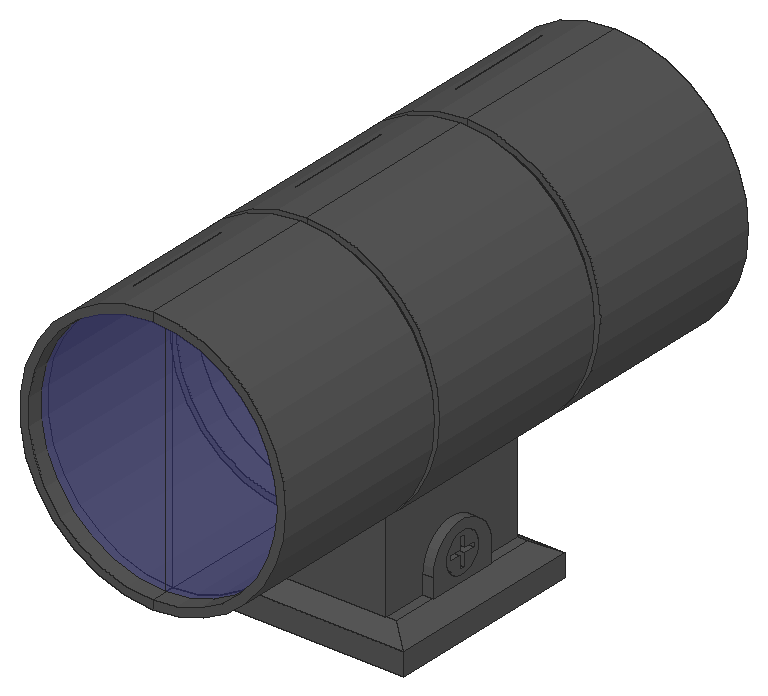
Revit family "CARLO CYLINDER LIGHT WALL MOUNT", category Lighting Fixtures, host Face, Revit 2020 (continued)
Types (10): name | Wattage_Input | Wattage Comments | Wattage | Photometric Web File | built-in parameter 1150142 | Model | built-in parameter 1150105 | Lumens | Light Length 1 | LIGHT RADIUS | LIGHT PLACEMENT | LIGHT LENGTH | LIGHT DIA | built-in parameter 1150106 | FIXED END HEIGHT | Curve base Height | Base Curve | BEAMING ANGLE | Apparent Load
     0.35427 0.38288 0.41226 0.43835 0.46389 0.49082 \r\n 0.51754 0.54287 0.5675 0.5911 0.61546 0.64349 0.67157 0.69844 0.72616 0.75684 \r\n 0.78911 0.82097 0.85645 0.9009 0.94825 0.99254 1.0387 1.0906 1.1456 1.2006 \r\n 1.2611 1.3329 1.4118 1.4929 1.5841 1.6916 1.8151 1.9575 2.1162 2.2872 \r\n 2.4782 2.6927 2.9397 3.2294 3.5619 3.9502 4.3653 4.7764 5.2019 5.652 \r\n 6.1207 6.608 7.1076 7.6124 8.1258 8.6558 9.1811 9.6715 10.161 10.686 \r\n 11.21 11.705 12.192 12.684 13.183 13.681 14.222 14.828 15.55 16.383 \r\n 17.511 19.01 21.208 23.863 28.753 37.398 50.323 69.924 92.115 113.21 \r\n 134.4 155.97 176.89 195.98 213.95 231.37 247.44 262.4 273.77 277.6 \r\n 278.47 279.89 281.11 282.59 284.16 285.84 287.52 289 290.49 292.16 \r\n 293.93 295.75 297.65 299.63 301.67 303.8 305.95 308.06 310.16 312.27 \r\n 314.34 316.26 318.18 320.21 322.39 324.79 327.39 330.16 333.17 336.36 \r\n 340.14 344.87 350.68 357.62 366.28 377.03 390.48 406.99 427.54 452.79 \r\n 484 522.88 568.81 620.96 681.62 751.77 834.42 935.51 1047.2 1158.9 \r\n 1285.3 1441.3 1615.3 1802.9 1996.9 2186.9 2377.8 2573.1 2766.8 2957.8 \r\n 3135 3285.5 3412.6 3514.9 3593.4 3646.5 3680.9 3700.9 3711.9 3721.1 \r\n 3733.6 \r\n3725 3737.8 3742.1 3740.8 3734.9 3724 3711.3 3699.9 3690 3689.3 \r\n 3679.7 3646.4 3587.1 3491.7 3368.7 3223.2 3056.2 2866.8 2666.7 2468.8 \r\n 2269 2066.3 1864.3 1662.1 1471.4 1304.5 1159.2 1041.1 939.14 842.21 \r\n 755.58 681.43 617.79 563.73 518.32 480.65 449.72 424.44 404.15 388.07 \r\n 375.49 365.63 357.88 351.39 346.05 341.54 337.67 334.14 330.94 327.85 \r\n 325.05 322.75 320.61 318.32 316.06 313.97 311.93 309.92 307.91 305.89 \r\n 303.78 301.54 299.13 296.45 293.69 291.05 288.4 285.59 282.78 280.09 \r\n 277.41 274.65 271.92 270.19 266.89 258.78 248.92 239.68 229.91 220.09 \r\n 207.64 188.84 167.56 146.51 125.35 104.38 84.492 66.355 50.953 39.716 \r\n 31.969 28.28 26.349 23.733 21.434 19.7 18.347 17.304 16.473 15.739 \r\n 15.08 14.433 13.814 13.219 12.643 12.086 11.528 10.936 10.352 9.8249 \r\n 9.3064 8.751 8.2002 7.6907 7.1902 6.6641 6.1557 5.7117 5.2862 4.8343 \r\n 4.3992 4.0097 3.6629 3.3733 3.1162 2.8672 2.6402 2.4435 2.2697 2.1152 \r\n 1.977 1.8508 1.737 1.6365 1.5443 1.4538 1.3713 1.3036 1.2423 1.1809 \r\n 1.1209 1.06 1.0029 0.95507 0.91159 0.86846 0.82809 0.79286 0.75895 0.72452 \r\n 0.69073 0.6578 0.62708 0.60187 0.57664 0.54525 0.51288 0.48324 0.45451 0.42594 \r\n 0.39808 0.37137 0.34537 0.32007 0.29453 0.26677 0.23982 0.2177 0.19548 0.16802 \r\n 0.13995 0.11438 0.090803 0.070497 0.051319 0.029185 0.011198 0.0058439 0.0048978 0.0020775 \r\n 0.000040 0 0 0 0 0 0.0025215 0.013353 0.028011 0.044432 \r\n 0.061139 0.074567 0.088924 0.10821 0.12949 0.15116 0.17327 0.19523 0.21734 0.23951 \r\n 0.26227 0.28661 0.31118 0.33407 0.35797 0.38627 0.41493 0.44005 0.46465 0.491 \r\n 0.5175 0.5434 0.5684 0.59079 0.61407 0.64313 0.67227 0.69965 0.72743 0.75707 \r\n 0.78881 0.82286 0.86074 0.90569 0.95279 0.99703 1.0419 1.0886 1.1388 1.1946 \r\n 1.2564 1.326 1.4016 1.4796 1.5674 1.6715 1.7909 1.9276 2.0794 2.2423 \r\n 2.4248 2.6322 2.871 3.1491 3.4682 3.8406 4.2417 4.648 5.0691 5.5057 \r\n 5.9614 6.4442 6.9412 7.4385 7.946 8.4785 9.0071 9.4952 9.9812 10.504 \r\n 11.025 11.511 11.99 12.483 12.982 13.477 13.998 14.552 15.204 15.985 \r\n 17.004 18.27 20.102 22.36 26.432 33.066 44.051 63.159 85.195 105.72 \r\n 126.25 146.79 167.47 188.96 209.79 228.82 245.79 260.62 271.67 276.03 \r\n 277.49 279.03 280.22 281.72 283.29 284.98 286.65 288.08 289.57 291.36 \r\n 293.3 295.3 297.36 299.48 301.63 303.77 305.94 308.18 310.42 312.64 \r\n 314.74 316.52 318.26 320.17 322.24 324.52 327 329.69 332.57 335.46 \r\n 338.88 343.33 348.81 355.31 363.39 373.4 385.87 401.13 420.09 443.22 \r\n 472.02 508.23 551.63 602.05 661.07 729.06 809.51 909.56 1018.6 1122 \r\n 1239.1 1388.9 1558.5 1743.1 1936.4 2129.7 2325.3 2525.2 2722.1 2911.4 \r\n 3087.5 3243.8 3378.9 3488.4 3574.1 3634.1 3674.2 3697.5 3710.2 3720.7 \r\n 3733.6 \r\n3725 3735.1 3738.4 3736 3729 3717.5 3704.8 3695.2 3686.5 3683.4 \r\n 3669.6 3630.7 3565.2 3464 3335.5 3184.6 3013.1 2820.1 2618.1 2421.1 \r\n 2223 2020.9 1819.6 1618.8 1431 1271.1 1131.8 1012.3 908.57 816.01 \r\n 734.87 664.02 603.02 551.44 508.14 472.11 442.42 417.96 398.27 382.79 \r\n 370.72 361.27 353.86 347.68 342.63 338.41 334.79 331.44 328.38 325.42 \r\n 322.75 320.6 318.61 316.42 314.26 312.25 310.32 308.46 306.63 304.85 \r\n 302.97 300.85 298.54 296.03 293.41 290.77 288.09 285.36 282.64 280.03 \r\n 277.42 274.65 271.92 270.43 267.05 257.73 246.43 236.13 225.8 216.59 \r\n 204.95 186.28 164.98 144.17 123.15 101.72 81.484 63.873 49.271 38.811 \r\n 31.667 28.017 25.975 23.442 21.243 19.553 18.227 17.213 16.401 15.67 \r\n 15.008 14.354 13.727 13.131 12.553 11.981 11.41 10.818 10.237 9.7031 \r\n 9.1787 8.6267 8.0817 7.5759 7.0797 6.5614 6.0596 5.6157 5.1899 4.7435 \r\n 4.314 3.9251 3.5791 3.2959 3.0471 2.8069 2.5874 2.3933 2.2206 2.0682 \r\n 1.9326 1.8102 1.7007 1.6048 1.5165 1.4271 1.3447 1.2772 1.2166 1.1579 \r\n 1.1003 1.0386 0.98049 0.93397 0.89243 0.85118 0.81243 0.77786 0.74431 0.7101 \r\n 0.67641 0.64321 0.61246 0.58834 0.56421 0.53268 0.50018 0.47163 0.44408 0.4158 \r\n 0.38802 0.36173 0.33593 0.3101 0.28378 0.25531 0.22783 0.20572 0.1836 0.15583 \r\n 0.1276 0.10267 0.079724 0.059174 0.039652 0.017321 0 0 0 0 \r\n 0 0 0 0 0.000046 0.00043719 0.004335 0.016652 0.032434 0.048432 \r\n 0.064443 0.078036 0.092643 0.11172 0.13276 0.1545 0.17673 0.19875 0.2208 0.24262 \r\n 0.26493 0.28872 0.31301 0.33661 0.36119 0.3892 0.4172 0.44151 0.46533 0.49114 \r\n 0.51743 0.54392 0.56943 0.59107 0.6137 0.64367 0.67376 0.70174 0.72975 0.75862 \r\n 0.79002 0.82619 0.86633 0.91165 0.95846 1.0028 1.0466 1.0889 1.1351 1.1921 \r\n 1.2556 1.3233 1.3961 1.4718 1.557 1.6583 1.7742 1.9056 2.0514 2.2079 \r\n 2.3841 2.5861 2.8183 3.0862 3.3932 3.7508 4.1393 4.5426 4.9614 5.3872 \r\n 5.8321 6.3114 6.8061 7.2977 7.8007 8.3344 8.8656 9.3544 9.8402 10.362 \r\n 10.881 11.361 11.836 12.332 12.834 13.331 13.841 14.354 14.949 15.694 \r\n 16.622 17.681 19.197 21.152 24.526 29.322 38.448 56.802 78.412 98.385 \r\n 118.37 137.97 158.46 182.19 205.63 225.86 243.36 257.93 268.73 273.97 \r\n 276.4 278.09 279.2 280.66 282.19 283.82 285.43 286.79 288.24 290.12 \r\n 292.19 294.32 296.51 298.75 301 303.18 305.4 307.8 310.21 312.56 \r\n 314.74 316.49 318.18 320.05 322.09 324.33 326.77 329.44 332.26 334.93 \r\n 338.09 342.31 347.5 353.62 361.18 370.53 382.13 396.29 413.84 435.14 \r\n 461.83 495.58 536.7 585.81 643.64 709.85 788.22 886.58 992.56 1088.7 \r\n 1198.1 1342.2 1507.5 1689.4 1882.2 2078.7 2278.7 2482 2680.9 2867.9 \r\n 3042.7 3204.9 3347.9 3464.2 3556.3 3622.8 3668.3 3694.4 3708.8 3720.5 \r\n 3733.6 \r\n3725 3732.8 3734.3 3729.9 3721.7 3710.7 3699.3 3692.1 3683.4 3673.1 \r\n 3649.3 3600.3 3525 3416.1 3280.8 3122.5 2945 2749.7 2546.9 2349.3 \r\n 2151.3 1949.1 1749.5 1554.6 1375.3 1226.8 1097.4 979.63 876 787.42 \r\n 710.91 643.84 586.17 537.32 496.34 462.36 434.46 411.54 393.16 378.76 \r\n 367.53 358.63 351.61 345.79 341.02 337.03 333.57 330.33 327.33 324.43 \r\n 321.77 319.55 317.47 315.27 313.12 311.14 309.26 307.5 305.79 304.1 \r\n 302.31 300.28 298.06 295.68 293.18 290.59 287.93 285.21 282.49 279.88 \r\n 277.24 274.38 271.57 270.12 266.78 257.58 246.05 234.51 222.5 211.26 \r\n 197.93 178.8 157.67 137.42 117.08 95.9 76.059 59.49 46.172 37.153 \r\n 31.158 27.645 25.453 23.046 20.996 19.409 18.154 17.164 16.355 15.626 \r\n 14.962 14.31 13.682 13.074 12.48 11.894 11.314 10.731 10.157 9.605 \r\n 9.0611 8.5097 7.969 7.4585 6.9584 6.4445 5.9488 5.5071 5.0841 4.6448 \r\n 4.225 3.8497 3.5162 3.2366 2.9904 2.7586 2.5485 2.3618 2.1958 2.0489 \r\n 1.918 1.7994 1.6932 1.6001 1.5145 1.4286 1.3494 1.2835 1.2238 1.1652 \r\n 1.1077 1.0473 0.99031 0.94318 0.90061 0.85897 0.81973 0.78384 0.74931 0.71402 \r\n 0.67929 0.64503 0.61337 0.58855 0.56407 0.53335 0.50176 0.47315 0.44545 0.41768 \r\n 0.39034 0.3638 0.33749 0.31104 0.28433 0.2564 0.22947 0.2069 0.18424 0.15647 \r\n 0.12856 0.10435 0.082197 0.062148 0.043012 0.021277 0.0039478 0 0 0 \r\n 0 0 0 0 0.000039 0.00044795 0.0036549 0.013295 0.026075 0.039981 \r\n 0.054809 0.068959 0.084592 0.10394 0.12518 0.14742 0.17012 0.1923 0.21435 0.23608 \r\n 0.25826 0.28184 0.30599 0.32972 0.3545 0.38263 0.41073 0.4352 0.45899 0.48402 \r\n 0.50978 0.53712 0.56388 0.5866 0.61 0.63978 0.66952 0.6967 0.72396 0.75265 \r\n 0.78405 0.82023 0.86016 0.90455 0.95034 0.99415 1.0377 1.0793 1.1254 1.1842 \r\n 1.249 1.3142 1.3841 1.4596 1.545 1.6456 1.7596 1.8868 2.0287 2.1843 \r\n 2.3604 2.5625 2.793 3.0536 3.3521 3.7033 4.0878 4.4923 4.9132 5.3379 \r\n 5.7806 6.2582 6.7504 7.2377 7.7346 8.2572 8.7799 9.2732 9.7644 10.28 \r\n 10.792 11.273 11.749 12.239 12.734 13.229 13.733 14.225 14.788 15.498 \r\n 16.364 17.316 18.665 20.466 23.422 27.153 34.963 51.898 72.357 92.036 \r\n 112.11 131.78 152.64 177.55 201.92 221.48 238.13 252.59 264.11 271.87 \r\n 276.71 278.63 279.28 280.47 281.66 282.94 284.21 285.35 286.59 288.19 \r\n 289.99 291.92 293.99 296.18 298.43 300.63 302.91 305.43 308 310.48 \r\n 312.86 315.01 317.12 319.32 321.62 324.04 326.64 329.56 332.61 335.43 \r\n 338.66 342.81 347.84 353.72 360.95 369.84 380.89 394.46 411.31 431.81 \r\n 457.47 489.76 529.27 576.83 633.13 698.24 774.91 869.33 971.25 1065.3 \r\n 1173 1314.7 1478.1 1659.4 1852.6 2050.9 2251.8 2451.7 2646.9 2832.3 \r\n 3008.4 3178.1 3329.7 3450.6 3546.3 3617.2 3666.3 3693.6 3708.5 3721.2 \r\n 3733.6 \r\n3725 3730.5 3730.1 3723.7 3714.4 3704.3 3694.4 3689.1 3679.5 3660.5 \r\n 3625.1 3564.8 3478.9 3361.6 3219.1 3053.3 2870 2672.8 2469.7 2271.4 \r\n 2073.3 1871.3 1674.1 1486.5 1316.9 1180.5 1061.5 946.29 843.42 758.73 \r\n 686.62 623.37 569.13 523.07 484.47 452.64 426.62 405.39 388.44 375.19 \r\n 364.85 356.52 349.9 344.42 339.93 336.13 332.81 329.66 326.7 323.83 \r\n 321.17 318.83 316.63 314.39 312.24 310.27 308.44 306.76 305.13 303.5 \r\n 301.77 299.8 297.68 295.42 293.02 290.49 287.87 285.15 282.41 279.77 \r\n 277.08 274.13 271.2 269.55 266.1 257.25 245.71 232.95 219.08 205.33 \r\n 189.85 170.22 149.35 129.72 110.15 89.445 70.226 54.86 42.946 35.444 \r\n 30.637 27.264 24.909 22.634 20.743 19.267 18.09 17.122 16.312 15.583 \r\n 14.916 14.268 13.64 13.017 12.405 11.805 11.217 10.644 10.078 9.5064 \r\n 8.9415 8.3901 7.8531 7.3367 6.8315 6.3219 5.8326 5.3931 4.9735 4.5423 \r\n 4.1338 3.7751 3.4564 3.1803 2.9359 2.7127 2.5125 2.3344 2.1758 2.0351 \r\n 1.9091 1.7943 1.691 1.6001 1.5167 1.4349 1.3595 1.2953 1.2362 1.1772 \r\n 1.1193 1.0608 1.0053 0.95721 0.91304 0.87055 0.83042 0.79308 0.75703 0.72058 \r\n 0.68479 0.64944 0.61675 0.59088 0.56574 0.53596 0.50542 0.47649 0.44834 0.42108 \r\n 0.39424 0.36733 0.34042 0.3133 0.28627 0.25921 0.23307 0.20983 0.18635 0.15872 \r\n 0.13133 0.10792 0.086628 0.067145 0.048504 0.027792 0.01053 0.0028914 0 0 \r\n 0 0 0 0 0.000029 0.00038878 0.0026918 0.0090535 0.018263 0.029986 \r\n 0.04371 0.058506 0.075288 0.09506 0.11663 0.13945 0.16263 0.18493 0.20696 0.22869 \r\n 0.25081 0.2743 0.29839 0.32216 0.34703 0.37524 0.40349 0.42838 0.4524 0.47676 \r\n 0.50202 0.53016 0.55819 0.5824 0.60693 0.63632 0.66566 0.69218 0.71893 0.7478 \r\n 0.77941 0.81529 0.85463 0.89795 0.94273 0.98614 1.0296 1.0716 1.1185 1.1792 \r\n 1.2452 1.3083 1.3758 1.4518 1.5381 1.6383 1.7511 1.8749 2.0137 2.1698 \r\n 2.3472 2.5507 2.7807 3.0353 3.3268 3.6729 4.0547 4.4614 4.8857 5.3118 \r\n 5.7546 6.231 6.7207 7.2055 7.6975 8.208 8.7212 9.2211 9.7202 10.231 \r\n 10.738 11.223 11.703 12.188 12.678 13.174 13.677 14.16 14.706 15.391 \r\n 16.213 17.094 18.333 20.054 22.71 25.641 32.324 47.643 66.725 86.159 \r\n 106.44 126.36 147.62 173.29 198.09 216.64 232.22 246.63 259.01 269.48 \r\n 276.91 279.11 279.3 280.21 281.05 281.96 282.89 283.8 284.83 286.13 \r\n 287.63 289.33 291.22 293.33 295.56 297.78 300.12 302.76 305.48 308.09 \r\n 310.68 313.3 315.91 318.5 321.12 323.78 326.6 329.81 333.14 336.21 \r\n 339.59 343.72 348.64 354.33 361.29 369.81 380.43 393.57 409.93 429.92 \r\n 454.88 486.01 524.16 570.37 625.33 689.58 764.72 855.03 953.04 1046.5 \r\n 1154 1293.7 1455.1 1636.1 1829.5 2029.3 2230.5 2425.9 2616.5 2800.5 \r\n 2978.2 3155 3314.5 3439.4 3538 3612.8 3665 3693.2 3708.3 3722 \r\n 3733.6 \r\n3725 3728.4 3726 3717.7 3707.3 3698.5 3690 3685.9 3674.5 3645.8 \r\n 3598 3525.8 3428.7 3302.7 3152.6 2979.8 2791.3 2592.6 2389.5 2190.4 \r\n 1992.2 1790.9 1596.9 1417.4 1258.3 1133.8 1025 913.04 811.68 730.76 \r\n 662.71 603.19 552.36 509.08 472.88 443.22 419.13 399.64 384.17 372.08 \r\n 362.62 354.87 348.64 343.51 339.28 335.65 332.43 329.33 326.4 323.56 \r\n 320.88 318.41 316.08 313.79 311.63 309.67 307.86 306.23 304.67 303.06 \r\n 301.35 299.46 297.41 295.26 292.96 290.5 287.91 285.19 282.41 279.72 \r\n 276.95 273.91 270.81 268.71 264.9 256.44 245.03 231.14 215.44 199 \r\n 181.16 161.06 140.51 121.48 102.73 82.656 64.249 50.206 39.765 33.757 \r\n 30.094 26.863 24.358 22.217 20.486 19.124 18.026 17.08 16.266 15.537 \r\n 14.868 14.223 13.595 12.956 12.325 11.713 11.118 10.555 9.9958 9.4061 \r\n 8.8208 8.2691 7.7351 7.2126 6.7022 6.1971 5.7143 5.2769 4.8608 4.4387 \r\n 4.0428 3.7022 3.3995 3.1269 2.8842 2.6696 2.4795 2.3101 2.1594 2.0248 \r\n 1.9037 1.7924 1.6916 1.6021 1.5205 1.443 1.3717 1.3091 1.2503 1.1905 \r\n 1.1321 1.0756 1.022 0.97272 0.92663 0.88303 0.84179 0.80288 0.7653 0.72777 \r\n 0.69105 0.65471 0.62102 0.59392 0.56793 0.53907 0.50958 0.48015 0.45137 0.42458 \r\n 0.39821 0.3709 0.34337 0.31562 0.28833 0.26234 0.23714 0.21301 0.18852 0.16115 \r\n 0.13448 0.11194 0.091531 0.072561 0.054431 0.03513 0.018193 0.0068319 0 0 \r\n 0 0 0 0 0.000017 0.00026954 0.0015911 0.0045642 0.01016 0.019884 \r\n 0.032715 0.048189 0.066133 0.086446 0.10845 0.13182 0.15544 0.17781 0.19979 0.22153 \r\n 0.24369 0.26721 0.29131 0.31503 0.33987 0.36806 0.39643 0.4219 0.44639 0.47024 \r\n 0.4951 0.52391 0.5531 0.579 0.60486 0.63373 0.66256 0.6889 0.71571 0.74514 \r\n 0.77717 0.8126 0.85113 0.89338 0.93727 0.98045 1.0243 1.0673 1.1155 1.178 \r\n 1.245 1.3063 1.3721 1.4489 1.5365 1.6368 1.7488 1.8697 2.0062 2.1634 \r\n 2.3428 2.5479 2.7779 3.0279 3.3137 3.6552 4.0345 4.4436 4.8718 5.3007 \r\n 5.7452 6.2203 6.7078 7.1916 7.6805 8.1792 8.6833 9.191 9.6998 10.208 \r\n 10.712 11.204 11.69 12.174 12.662 13.162 13.669 14.152 14.693 15.363 \r\n 16.158 17.001 18.178 19.872 22.327 24.694 30.437 44.036 61.596 80.821 \r\n 101.39 121.64 143.27 169.27 194.03 211.45 226 240.42 253.73 266.85 \r\n 276.8 279.33 279.14 279.81 280.34 280.91 281.53 282.26 283.12 284.15 \r\n 285.38 286.83 288.53 290.55 292.75 294.98 297.37 300.1 302.95 305.65 \r\n 308.44 311.54 314.69 317.67 320.63 323.55 326.62 330.13 333.76 337.11 \r\n 340.69 344.85 349.67 355.23 361.97 370.19 380.48 393.3 409.33 429.02 \r\n 453.5 483.69 520.71 565.74 619.52 683.01 756.79 843.29 937.92 1031.9 \r\n 1140.3 1277.8 1436.8 1617.2 1810.9 2011.6 2212.7 2403.4 2589.2 2772.1 \r\n 2951.6 3134.8 3301.3 3429.6 3530.9 3609 3663.9 3692.9 3708.2 3722.7 \r\n 3733.6 \r\n3725 3726.3 3722.1 3712.1 3700.9 3693.3 3686.1 3682.2 3667.8 3629.1 \r\n 3568.6 3484.5 3376.3 3241.2 3083.6 2904.6 2711.8 2512.2 2309.4 2109.5 \r\n 1911.2 1711.3 1521.1 1350.3 1201.6 1088.1 988.58 880.64 781.62 704.29 \r\n 639.9 583.91 536.33 495.75 461.9 434.37 412.18 394.4 380.39 369.43 \r\n 360.82 353.63 347.78 342.98 338.98 335.48 332.34 329.29 326.37 323.55 \r\n 320.85 318.27 315.81 313.48 311.31 309.34 307.54 305.95 304.41 302.8 \r\n 301.1 299.26 297.29 295.22 293.01 290.62 288.07 285.33 282.5 279.74 \r\n 276.87 273.76 270.43 267.57 263.07 254.89 243.61 228.76 211.46 192.44 \r\n 172.34 151.81 131.61 113.13 95.149 75.841 58.392 45.754 36.8 32.166 \r\n 29.519 26.437 23.817 21.809 20.229 18.976 17.954 17.029 16.213 15.483 \r\n 14.812 14.17 13.541 12.888 12.24 11.616 11.016 10.461 9.9082 9.3026 \r\n 8.7001 8.1478 7.6162 7.0882 6.5736 6.0733 5.5973 5.1616 4.7487 4.3366 \r\n 3.9544 3.632 3.3452 3.0767 2.8359 2.6298 2.4493 2.2883 2.1449 2.0161 \r\n 1.8995 1.7912 1.6926 1.6038 1.5234 1.4502 1.383 1.3215 1.2626 1.2019 \r\n 1.143 1.0885 1.0368 0.98635 0.9383 0.89351 0.85113 0.81082 0.77194 0.7336 \r\n 0.6962 0.65912 0.62459 0.59626 0.56935 0.54126 0.51265 0.48265 0.45318 0.42674 \r\n 0.40076 0.37311 0.34503 0.31672 0.28924 0.26441 0.24019 0.215 0.18934 0.16233 \r\n 0.13654 0.11495 0.09542 0.076793 0.059092 0.041556 0.025388 0.010587 0 0 \r\n 0 0 0 0 0.000005 0.00010027 0.00049814 0.00046478 0.0029272 0.011112 \r\n 0.023386 0.039521 0.058529 0.079452 0.10195 0.12579 0.14973 0.17208 0.19397 0.21574 \r\n 0.23798 0.26164 0.28584 0.30945 0.33413 0.3621 0.39046 0.41664 0.4
